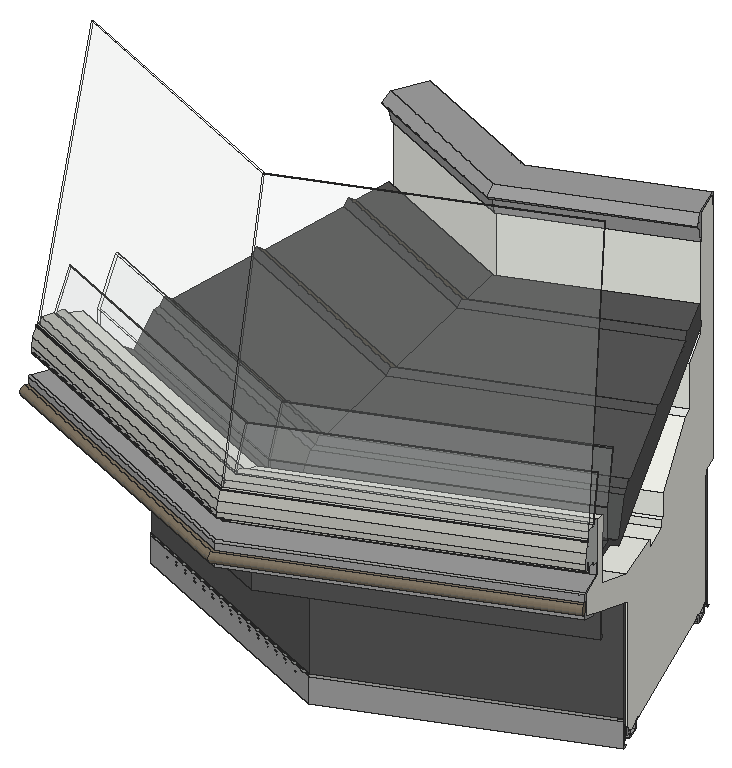
Revit family "DSFM-45-OS-AG_2014", category Specialty Equipment, Revit 2014
Parameters (values of type "45 OS")
  Width = 65 3/4"  # constant formula
  Waste Drain = 1 1/2"  # constant formula
  URL = "www.hussmann.com"
  Type Comments = "Chino"  # constant formula
  Trim = Stainless Steel
  Total Weight = Case Weight + (2 * End Weight)  # 0.00 lbf
  Splashguard = Stainless Steel
  Shelves = Sheet Metal (Steel Painted) - 701 Black
  Revit Family Date = "09/20/2016"  # constant formula
  Refrigeration Lines Suction = 5/8"  # constant formula
  Refrigeration Lines Liquid = 3/8"  # constant formula
  Refrig. Suction = "Suction"
  Refrig. Liquid = "Liquid"
  Number of Supports = 2  # constant formula
  Note from Manufacturer = "This model only comes in one size."  # constant formula
  Model URL = "http://www.hussmann.com/en/product%20viewer/display-cases/DSFM"
  Model = "DSFM - 45 Outside Wedge with Angled Glass"  # constant formula
  Manufacturer Disclaimer = "The information in this file is not intended to be an exact representation of the corresponding Hussmann product.  Further, we reserve the right to change or revise specifications and product design in connection with any feature of our products. Such changes do not entitle the buyer to corresponding changes, improvements, additions, or replacements for equipment previously sold or shipped."  # constant formula
  Manufacturer = "Hussmann Corporation"  # constant formula
  Light [instance] = yes
  Height = 52 1/4"  # constant formula
  Glazing = Glass
  End Weight = 0.00 lbf  # constant formula
  Door Frame = Plastic - 144 Mist Gray
  Description = "Medium Depth Service Merchandiser for Fresh Seafood Applications"  # constant formula
  Depth = 42 1/2"  # constant formula
  Cutsheet URL = "http://www.hussmann.com/en/Technical%20Documents/DSFM_ds_En.pdf"
  Close Off Panel = Textured Sheet Metal (Steel Painted) - 701 Black
  Case Weight = 0.00 lbf  # constant formula
  Case Interior - Side Panel = Mirror
  Case Interior - Back Panel = Mirror
  Case = Textured Sheet Metal (Steel Painted) - 149 White Satin Matte
  Bumper = Extruded PVC - 747 Chocolate Brown
  Assembly Code = ""
  Accessories/Options = ""
Reference planes (in)
  plane 1 "Bottom": z = 0
  plane 2 "Center (Left/Right)": x = -29.25915
  plane 3 "Right": through (-12.67103, 5.83818, 48) normal (0.9239, 0.3827, 0)
  plane 4 "Left": through (-62.10519, -33.41192, 48) normal (-0.9239, 0.3827, 0)
  plane 5 "Front Right": through (-29.25915, -47.0172, 48) normal (-0.3827, 0.9239, 0)
  plane 6 "Front Left": through (-62.10519, -33.41192, 48) normal (0.3827, 0.9239, 0)
  plane 7 "Front": y = -47.0172
  plane 8 "Back Right": through (-14.06297, 5.27893, 48) normal (-0.3827, 0.9239, 0)
  plane 9 "Back Left": through (-44.53699, 5.31276, 48) normal (-0.3827, -0.9239, 0)
  plane 10 "Back": y = 5.85296
Forms (in)
  Extrusion 1, solid, material "Metal - Copper"
    sketch origin (57.40105, 5, -0.375) x (1, 0, 0) y (0, 1, 0)
      loop
        circle (-89.4727, -19.39053) r 0.28859
      loop
        circle (-89.4727, -19.39053) r 0.3125
    from 16.71736 to 0.375
  Extrusion 2, solid, material "Metal - Copper"
    sketch origin (59.82608, 5, -0.375) x (1, 0, 0) y (0, 1, 0)
      loop
        circle (-91.39773, -19.39053) r 0.17188
      loop
        circle (-91.39773, -19.39053) r 0.1875
    from 16.71736 to 0.375
  Extrusion 3, solid, material "Metal - Copper"
    sketch origin (-56.6875, 1.04319, 0) x (1, 0, 0) y (0, 1, 0)
      loop
        arc (27.42835, -21.30872) -> (26.89802, -21.52839) -> (26.67835, -22.05872) r 0.75
        arc (26.67835, -22.05872) -> (26.89802, -22.58905) -> (27.42835, -22.80872) r 0.75
        arc (27.42835, -22.80872) -> (27.95868, -22.58905) -> (28.17835, -22.05872) r 0.75
        arc (28.17835, -22.05872) -> (27.95868, -21.52839) -> (27.42835, -21.30872) r 0.75
      loop
        circle (27.42835, -22.05872) r 0.7102
    from 16.34236 to 0
  Sweep 4, solid, material "Textured Sheet Metal (Steel Painted) - 149 White Satin Matte" <- "Case"
    path in 3D
      loop
        line (3.58689, -33.41192, 0) -> (-29.25915, -47.0172, 0) -> (-62.10519, -33.41192, 0)
    profile origin (3.58689, -33.41192, 0) x (0.382683, -0.92388, 0) y (0, 0, 1)
      loop
        line (-42.5465, 42.51732) -> (-42.5465, 14.62462) -> (-40.44304, 14.62462) -> (-40.44304, 0.83962) -> (-14.71056, 0.83962) -> (-14.71056, 14.76385) -> (-1.45118, 20.39212) -> (-0.9905, 20.39212) -> (-0.9905, 22.76712) -> (-1.2405, 23.01712) -> (-4.62035, 23.01712) -> (-4.62035, 28.62819) -> (-6.48624, 28.26483) -> (-6.48624, 27.34944) -> (-6.33667, 25.63995) -> (-6.33667, 21.19008) -> (-14.37777, 17.77684) -> (-22.04352, 17.26314) -> (-22.04352, 16.34236) -> (-25.98102, 16.34236) -> (-25.98102, 17.25175) -> (-26.55143, 17.26171) -> (-26.55143, 19.72211) -> (-33.92025, 23.69965) -> (-35.27325, 23.80279) -> (-35.27325, 28.52488) -> (-38.8774, 29.66553) -> (-38.8774, 39.92387) -> (-38.79697, 39.92387) -> (-38.63795, 40.51732) -> (-38.63795, 42.51732) -> (-42.5465, 42.51732)
  Sweep 5, solid, material "Textured Sheet Metal (Steel Painted) - 701 Black" <- "Close Off Panel"
    path in 3D
      loop
        line (3.58689, -33.41192, 0) -> (-29.25915, -47.0172, 0) -> (-62.10519, -33.41192, 0)
    profile origin (3.58689, -33.41192, 0) x (0.382683, -0.92388, 0) y (0, 0, 1)
      loop
        line (-13.64908, 0.75286) -> (-13.64908, 15.21442) -> (-13.72194, 15.18349) -> (-13.72194, 0.75286) -> (-13.64908, 0.75286)
      loop
        line (-40.44304, 14.58962) -> (-40.56804, 14.58962) -> (-40.56804, 0.83962) -> (-40.44304, 0.83962) -> (-40.44304, 14.58962)
  Sweep 6, solid, material "Stainless Steel" <- "Trim"
    path in 3D
      loop
        line (3.58689, -33.41192, 0) -> (-29.25915, -47.0172, 0) -> (-62.10519, -33.41192, 0)
    profile origin (3.58689, -33.41192, 0) x (0.382683, -0.92388, 0) y (0, 0, 1)
      loop
        line (-14.63206, 1.657) -> (-14.71056, 1.657) -> (-14.71056, 0.83962) -> (-15.55031, 0.83962)
        arc (-15.55031, 0.83962) -> (-15.58749, 0.81085) -> (-15.60156, 0.766) r 0.0785
        line (-15.60156, 0.766) -> (-15.60156, 0.0785) -> (-17.28906, 0.0785) -> (-17.28906, 0.766)
        arc (-17.28906, 0.766) -> (-17.30314, 0.81085) -> (-17.34031, 0.83962) r 0.0785
        line (-17.34031, 0.83962) -> (-18.11756, 0.83962) -> (-18.11756, 0.766) -> (-17.36756, 0.766) -> (-17.36756, 0.0785)
        arc (-17.36756, 0.0785) -> (-17.34457, 0.02299) -> (-17.28906, 0) r 0.0785
        line (-17.28906, 0) -> (-15.60156, 0)
        arc (-15.60156, 0) -> (-15.54605, 0.02299) -> (-15.52306, 0.0785) r 0.0785
        line (-15.52306, 0.0785) -> (-15.52306, 0.766) -> (-14.71056, 0.766)
        arc (-14.71056, 0.766) -> (-14.65505, 0.78899) -> (-14.63206, 0.8445) r 0.0785
        line (-14.63206, 0.8445) -> (-14.63206, 1.657)
      loop
        line (-40.51356, 0.766) -> (-39.70106, 0.766) -> (-39.70106, 0.0785)
        arc (-39.70106, 0.0785) -> (-39.67807, 0.02299) -> (-39.62256, 0) r 0.0785
        line (-39.62256, 0) -> (-37.93506, 0)
        arc (-37.93506, 0) -> (-37.87955, 0.02299) -> (-37.85656, 0.0785) r 0.0785
        line (-37.85656, 0.0785) -> (-37.85656, 0.766) -> (-37.12376, 0.766) -> (-37.12376, 0.8445) -> (-37.82656, 0.8445)
        arc (-37.82656, 0.8445) -> (-37.90328, 0.81272) -> (-37.93506, 0.736) r 0.1085
        line (-37.93506, 0.736) -> (-37.93506, 0.1085)
        arc (-37.93506, 0.1085) -> (-37.94385, 0.08729) -> (-37.96506, 0.0785) r 0.03
        line (-37.96506, 0.0785) -> (-39.59256, 0.0785)
        arc (-39.59256, 0.0785) -> (-39.61377, 0.08729) -> (-39.62256, 0.1085) r 0.03
        line (-39.62256, 0.1085) -> (-39.62256, 0.766)
        arc (-39.62256, 0.766) -> (-39.63664, 0.81085) -> (-39.67381, 0.83962) r 0.0785
        line (-39.67381, 0.83962) -> (-40.51356, 0.83962) -> (-40.51356, 0.766)
  Sweep 7, solid, material "Stainless Steel" <- "Splashguard"
    path in 3D
      loop
        line (3.58689, -33.41192, 0) -> (-29.25915, -47.0172, 0) -> (-62.10519, -33.41192, 0)
    profile origin (3.58689, -33.41192, 0) x (0.382683, -0.92388, 0) y (0, 0, 1)
      loop
        line (-13.56852, 2.78974) -> (-13.61085, 3.09929) -> (-13.64554, 3.09462) -> (-13.6032, 2.785) -> (-13.6032, 0.035) -> (-14.1032, 0.035) -> (-14.1032, 0) -> (-13.56819, 0) -> (-13.56852, 2.78974)
      loop
        line (-40.62706, 2.85914) -> (-40.62706, 0.48261) -> (-40.94846, 0.09959) -> (-41.31776, 0.03447) -> (-41.31168, 0) -> (-40.92983, 0.06733) -> (-40.59206, 0.46987) -> (-40.59206, 2.85761) -> (-40.57027, 3.10666) -> (-40.60514, 3.10971) -> (-40.62706, 2.85914)
  Sweep 8, solid, material "Stainless Steel" <- "Trim"
    path in 3D
      loop
        line (3.58689, -33.41192, 0) -> (-29.25915, -47.0172, 0) -> (-62.10519, -33.41192, 0)
    profile origin (3.58689, -33.41192, 0) x (0.382683, -0.92388, 0) y (0, 0, 1)
      loop
        line (-4.55623, 24.23914) -> (-4.62035, 24.23914) -> (-4.62035, 23.01712) -> (-1.2405, 23.01712) -> (-0.9905, 22.76712) -> (-0.9905, 20.39212) -> (-1.45118, 20.39212) -> (-3.45395, 19.54199) -> (-3.39519, 19.38055) -> (-0.88, 20.29601) -> (-0.88, 22.89212)
        arc (-0.88, 22.89212) -> (-0.93067, 23.01445) -> (-1.053, 23.06512) r 0.173
        line (-1.053, 23.06512) -> (-4.55623, 23.06512) -> (-4.55623, 24.23914)
      loop
        line (-38.5595, 42.56512) -> (-42.609, 42.56512) -> (-42.609, 41.32812) -> (-42.5465, 41.32812) -> (-42.5465, 42.51732) -> (-38.63795, 42.51732) -> (-38.63795, 40.51732) -> (-38.79697, 39.92387) -> (-38.8774, 39.92387) -> (-38.8774, 39.52827) -> (-38.67052, 39.47921) -> (-38.20616, 41.43732) -> (-37.76595, 41.49919) -> (-37.89907, 41.32881) -> (-37.87149, 41.30726) -> (-37.62155, 41.62717) -> (-38.5595, 42.56512)
  Sweep 9, solid, material "Extruded PVC - 747 Chocolate Brown" <- "Bumper"
    path in 3D
      loop
        line (3.58689, -33.41192, 0) -> (-29.25915, -47.0172, 0) -> (-62.10519, -33.41192, 0)
    profile origin (3.58689, -33.41192, 0) x (0.382683, -0.92388, 0) y (0, 0, 1)
      loop
        arc (-0.4732, 21.00717) -> (0.02903, 21.56967) -> (-0.4732, 22.13217) r 0.56612
        line (-0.4732, 22.13217) -> (-0.88, 22.13217) -> (-0.88, 21.00717) -> (-0.4732, 21.00717)
  Sweep 10, solid, material "Plastic - 144 Mist Gray" <- "Door Frame"
    path in 3D
      loop
        line (3.58689, -33.41192, 0) -> (-29.25915, -47.0172, 0) -> (-62.10519, -33.41192, 0)
    profile origin (3.58689, -33.41192, 0) x (0.382683, -0.92388, 0) y (0, 0, 1)
      loop
        line (-4.62035, 28.87709) -> (-4.62035, 24.3616) -> (-4.48256, 24.3616) -> (-4.48256, 24.4994) -> (-3.91169, 24.4994) -> (-3.91169, 24.57814) -> (-3.69515, 24.57814) -> (-3.69515, 25.05058) -> (-2.762, 25.05058) -> (-2.762, 25.1883) -> (-2.00224, 25.1883) -> (-2.00224, 24.70609)
        arc (-2.00224, 24.70609) -> (-1.95303, 24.65688) -> (-1.90382, 24.70609) r 0.04921
        line (-1.90382, 24.70609) -> (-1.90382, 26.05384) -> (-1.3172, 26.05384) -> (-1.25815, 25.95609) -> (-1.25815, 25.46397) -> (-1.3172, 25.40491) -> (-1.3172, 25.30649)
        arc (-1.3172, 25.30649) -> (-1.30567, 25.27865) -> (-1.27783, 25.26712) r 0.03937
        line (-1.27783, 25.26712) -> (-1.21878, 25.26712)
        arc (-1.21878, 25.26712) -> (-1.19094, 25.27865) -> (-1.17941, 25.30649) r 0.03937
        line (-1.17941, 25.30649) -> (-1.17941, 25.93044) -> (-1.30394, 27.01633) -> (-1.67306, 28.0514) -> (-1.70302, 28.0623) -> (-1.6598, 28.06992)
        arc (-1.6598, 28.06992) -> (-1.64115, 28.07024) -> (-1.64374, 28.08871) r 0.01245
        line (-1.64374, 28.08871) -> (-1.73523, 28.14936) -> (-1.83474, 28.27671) -> (-1.58271, 26.91706) -> (-1.82867, 26.87225) -> (-2.19522, 28.84979) -> (-3.53994, 28.84979) -> (-3.32478, 28.2249) -> (-3.54813, 28.148) -> (-3.78366, 28.83204)
        arc (-3.78366, 28.83204) -> (-4.19661, 28.95475) -> (-4.62035, 28.87709) r 0.92486
  Sweep 11, solid, material "Glass" <- "Glazing"
    path in 3D
      loop
        line (3.58689, -33.41192, 0) -> (-29.25915, -47.0172, 0) -> (-62.10519, -33.41192, 0)
    profile origin (3.58689, -33.41192, 0) x (0.382683, -0.92388, 0) y (0, 0, 1)
      loop
        line (-10.22021, 33.19964) -> (-8.37036, 28.02006) -> (-8.37036, 24.52546) -> (-8.12036, 24.52546) -> (-8.12036, 28.06337) -> (-9.98477, 33.28373)
        arc (-9.98477, 33.28373) -> (-10.14453, 33.3594) -> (-10.22021, 33.19964) r 0.125
      loop
        line (-3.33759, 28.26213) -> (-5.10643, 33.3992) -> (-5.15647, 33.42361) -> (-5.30537, 33.37234) -> (-5.32978, 33.32229) -> (-3.56094, 28.18522) -> (-3.5109, 28.16082) -> (-3.362, 28.21209) -> (-3.33759, 28.26213)
      loop
        line (-1.58859, 26.94874) -> (-7.42068, 58.41281) -> (-7.66649, 58.36725) -> (-1.8344, 26.90318) -> (-1.58859, 26.94874)
  Sweep 12, solid, material "Sheet Metal (Steel Painted) - 701 Black" <- "Shelves"
    path in 3D
      loop
        line (3.58689, -33.41192, 0) -> (-29.25915, -47.0172, 0) -> (-62.10519, -33.41192, 0)
    profile origin (3.58689, -33.41192, 0) x (0.382683, -0.92388, 0) y (0, 0, 1)
      loop
        line (-38.41233, 33.08566) -> (-38.41233, 30.9343) -> (-38.8774, 31.07755) -> (-38.8774, 30.52079) -> (-11.80479, 22.17891) -> (-8.81011, 23.90789) -> (-6.33667, 23.90789) -> (-6.33667, 24.44289) -> (-8.95347, 24.44289) -> (-11.87035, 22.75882) -> (-13.8685, 26.39931) -> (-14.54896, 26.58469) -> (-15.03542, 27.43543) -> (-15.84319, 26.97354) -> (-24.13694, 29.23297) -> (-24.59883, 30.04074) -> (-25.44957, 29.55428) -> (-33.72354, 31.80832) -> (-34.17525, 32.59829) -> (-34.96522, 32.14658) -> (-38.41233, 33.08566)
  Sweep 13, solid, material "Textured Sheet Metal (Steel Painted) - 701 Black" <- "Close Off Panel", visible <- "Light"
    path in 3D
      loop
        line (-1.63639, -20.80181, 15.21442) -> (-29.25915, -32.24354, 15.21442) -> (-56.88191, -20.80181, 15.21442)
    profile origin (-1.63639, -20.80181, 15.21442) x (0, 0, -1) y (0.382683, -0.92388, 0)
      loop
        line (-3.25364, 7.66508) -> (-0.34266, 7.66508) -> (-0.34266, 7.29008) -> (-0.53016, 7.29008) -> (-0.53016, 7.22758) -> (-0.28016, 7.22758) -> (-0.28016, 7.72758) -> (-3.28016, 7.72758) -> (-3.25364, 7.66508)
Lines and regions (in)
  reference lines
    curve 1: line (-29.25915, -47.0172, 0) -> (-29.25915, 5.83818, 0)
    curve 2: line (-31.75915, -47.0172, 0) -> (-31.75915, 5.83818, 0)
    curve 3: line (-56.97925, -21.01553, 0) -> (-1.53905, -21.01553, 0)
    curve 4: line (-4.26986, -14.39053, 0) -> (-54.24844, -14.39053, 0)
  sketch lines
    curve 5: line (3.58689, -33.41192, 0) -> (-29.25915, -47.0172, 0)
    curve 6: line (-29.25915, -47.0172, 0) -> (-62.10519, -33.41192, 0)
    curve 7: line (3.58689, -33.41192, 0) -> (-29.25915, -47.0172, 0)
    curve 8: line (-29.25915, -47.0172, 0) -> (-62.10519, -33.41192, 0)
    curve 9: line (3.58689, -33.41192, 0) -> (-29.25915, -47.0172, 0)
    curve 10: line (-29.25915, -47.0172, 0) -> (-62.10519, -33.41192, 0)
    curve 11: line (3.58689, -33.41192, 0) -> (-29.25915, -47.0172, 0)
    curve 12: line (-29.25915, -47.0172, 0) -> (-62.10519, -33.41192, 0)
    curve 13: line (3.58689, -33.41192, 0) -> (-29.25915, -47.0172, 0)
    curve 14: line (-29.25915, -47.0172, 0) -> (-62.10519, -33.41192, 0)
    curve 15: line (3.58689, -33.41192, 0) -> (-29.25915, -47.0172, 0)
    curve 16: line (-29.25915, -47.0172, 0) -> (-62.10519, -33.41192, 0)
    curve 17: line (3.58689, -33.41192, 0) -> (-29.25915, -47.0172, 0)
    curve 18: line (-29.25915, -47.0172, 0) -> (-62.10519, -33.41192, 0)
    curve 19: line (3.58689, -33.41192, 0) -> (-29.25915, -47.0172, 0)
    curve 20: line (-29.25915, -47.0172, 0) -> (-62.10519, -33.41192, 0)
    curve 21: line (3.58689, -33.41192, 0) -> (-29.25915, -47.0172, 0)
    curve 22: line (-29.25915, -47.0172, 0) -> (-62.10519, -33.41192, 0)
    curve 23: line (-1.63639, -20.80181, 15.21442) -> (-29.25915, -32.24354, 15.21442)
    curve 24: line (-29.25915, -32.24354, 15.21442) -> (-56.88191, -20.80181, 15.21442)
  symbolic lines, style "Clearance"
    curve 25: line (-77.30699, 0.88596, 0.8445) -> (-77.30699, 0.88596, 0.766)
    curve 26: line (-77.30699, 0.88596, 0.766) -> (-77.30699, 1.56298, 0.766)
    curve 27: line (-77.30699, 1.56298, 0.766) -> (-77.30699, 1.56298, 0.0785)
    curve 28: spline (-77.30699, 1.56298, 0.0785) -> (-77.30699, 1.5636, 0.06825) -> (-77.30699, 1.56545, 0.05818) -> (-77.30699, 1.5685, 0.04846) -> (-77.30699, 1.5727, 0.03925) -> (-77.30699, 1.57797, 0.03071) -> (-77.30699, 1.58422, 0.02299) -> (-77.30699, 1.59135, 0.01622) -> (-77.30699, 1.59924, 0.01052) -> (-77.30699, 1.60775, 0.00598) -> (-77.30699, 1.61673, 0.00267) -> (-77.30699, 1.62604, 0.00067) -> (-77.30699, 1.63551, 0)
    curve 29: line (-77.30699, 1.63551, 0) -> (-77.30699, 3.19455, 0)
    curve 30: spline (-77.30699, 3.19455, 0) -> (-77.30699, 3.20402, 0.00067) -> (-77.30699, 3.21332, 0.00267) -> (-77.30699, 3.22231, 0.00598) -> (-77.30699, 3.23081, 0.01052) -> (-77.30699, 3.2387, 0.01622) -> (-77.30699, 3.24583, 0.02299) -> (-77.30699, 3.25209, 0.03071) -> (-77.30699, 3.25736, 0.03925) -> (-77.30699, 3.26156, 0.04846) -> (-77.30699, 3.26461, 0.05818) -> (-77.30699, 3.26646, 0.06825) -> (-77.30699, 3.26708, 0.0785)
    curve 31: line (-77.30699, 3.26708, 0.0785) -> (-77.30699, 3.26708, 0.766)
    curve 32: line (-77.30699, 3.26708, 0.766) -> (-77.30699, 4.01773, 0.766)
    curve 33: line (-77.30699, 4.01773, 0.766) -> (-77.30699, 4.01773, 0.83962)
    curve 34: line (-77.30699, 4.01773, 0.83962) -> (-77.30699, 3.2419, 0.83962)
    curve 35: spline (-77.30699, 3.2419, 0.83962) -> (-77.30699, 3.23515, 0.83648) -> (-77.30699, 3.22872, 0.83262) -> (-77.30699, 3.22269, 0.82808) -> (-77.30699, 3.21712, 0.8229) -> (-77.30699, 3.21205, 0.81714) -> (-77.30699, 3.20755, 0.81085) -> (-77.30699, 3.20367, 0.8041) -> (-77.30699, 3.20043, 0.79696) -> (-77.30699, 3.19788, 0.7895) -> (-77.30699, 3.19604, 0.7818) -> (-77.30699, 3.19492, 0.77394) -> (-77.30699, 3.19455, 0.766)
    curve 36: line (-77.30699, 3.19455, 0.766) -> (-77.30699, 3.19455, 0.1085)
    curve 37: spline (-77.30699, 3.19455, 0.1085) -> (-77.30699, 3.19431, 0.10458) -> (-77.30699, 3.19361, 0.10074) -> (-77.30699, 3.19244, 0.09702) -> (-77.30699, 3.19084, 0.0935) -> (-77.30699, 3.18882, 0.09024) -> (-77.30699, 3.18643, 0.08729) -> (-77.30699, 3.18371, 0.0847) -> (-77.30699, 3.18069, 0.08252) -> (-77.30699, 3.17744, 0.08078) -> (-77.30699, 3.17401, 0.07952) -> (-77.30699, 3.17045, 0.07876) -> (-77.30699, 3.16684, 0.0785)
    curve 38: line (-77.30699, 3.16684, 0.0785) -> (-77.30699, 1.66322, 0.0785)
    curve 39: spline (-77.30699, 1.66322, 0.0785) -> (-77.30699, 1.6596, 0.07876) -> (-77.30699, 1.65605, 0.07952) -> (-77.30699, 1.65261, 0.08078) -> (-77.30699, 1.64936, 0.08252) -> (-77.30699, 1.64635, 0.0847) -> (-77.30699, 1.64362, 0.08729) -> (-77.30699, 1.64123, 0.09024) -> (-77.30699, 1.63922, 0.0935) -> (-77.30699, 1.63761, 0.09702) -> (-77.30699, 1.63645, 0.10074) -> (-77.30699, 1.63574, 0.10458) -> (-77.30699, 1.63551, 0.1085)
    curve 40: line (-77.30699, 1.63551, 0.1085) -> (-77.30699, 1.63551, 0.736)
    curve 41: spline (-77.30699, 1.63551, 0.736) -> (-77.30699, 1.63465, 0.75016) -> (-77.30699, 1.63209, 0.76408) -> (-77.30699, 1.62787, 0.77752) -> (-77.30699, 1.62208, 0.79025) -> (-77.30699, 1.61479, 0.80205) -> (-77.30699, 1.60615, 0.81272) -> (-77.30699, 1.59629, 0.82208) -> (-77.30699, 1.58538, 0.82996) -> (-77.30699, 1.57362, 0.83624) -> (-77.30699, 1.56121, 0.8408) -> (-77.30699, 1.54835, 0.84357) -> (-77.30699, 1.53526, 0.8445)
    curve 42: line (-77.30699, 1.53526, 0.8445) -> (-77.30699, 0.88596, 0.8445)
    curve 43: line (-77.30699, -16.67348, 0.83962) -> (-77.30699, -17.39156, 0.83962)
    curve 44: spline (-77.30699, -17.39156, 0.83962) -> (-77.30699, -17.39832, 0.83648) -> (-77.30699, -17.40474, 0.83262) -> (-77.30699, -17.41077, 0.82808) -> (-77.30699, -17.41635, 0.8229) -> (-77.30699, -17.42141, 0.81714) -> (-77.30699, -17.42591, 0.81085) -> (-77.30699, -17.4298, 0.8041) -> (-77.30699, -17.43303, 0.79696) -> (-77.30699, -17.43558, 0.7895) -> (-77.30699, -17.43743, 0.7818) -> (-77.30699, -17.43854, 0.77394) -> (-77.30699, -17.43891, 0.766)
    curve 45: line (-77.30699, -17.43891, 0.766) -> (-77.30699, -17.43891, 0.0785)
    curve 46: line (-77.30699, -17.43891, 0.0785) -> (-77.30699, -18.99796, 0.0785)
    curve 47: line (-77.30699, -18.99796, 0.0785) -> (-77.30699, -18.99796, 0.766)
    curve 48: spline (-77.30699, -18.99796, 0.766) -> (-77.30699, -18.99833, 0.77394) -> (-77.30699, -18.99944, 0.7818) -> (-77.30699, -19.00129, 0.7895) -> (-77.30699, -19.00384, 0.79696) -> (-77.30699, -19.00707, 0.8041) -> (-77.30699, -19.01096, 0.81085) -> (-77.30699, -19.01546, 0.81714) -> (-77.30699, -19.02052, 0.8229) -> (-77.30699, -19.0261, 0.82808) -> (-77.30699, -19.03213, 0.83262) -> (-77.30699, -19.03855, 0.83648) -> (-77.30699, -19.04531, 0.83962)
    curve 49: line (-77.30699, -19.04531, 0.83962) -> (-77.30699, -19.82114, 0.83962)
    curve 50: line (-77.30699, -19.82114, 0.83962) -> (-77.30699, -19.82114, 1.657)
    curve 51: line (-77.30699, -19.82114, 1.657) -> (-77.30699, -19.89366, 1.657)
    curve 52: line (-77.30699, -19.89366, 1.657) -> (-77.30699, -19.89366, 0.8445)
    curve 53: spline (-77.30699, -19.89366, 0.8445) -> (-77.30699, -19.89304, 0.83425) -> (-77.30699, -19.89119, 0.82418) -> (-77.30699, -19.88814, 0.81446) -> (-77.30699, -19.88394, 0.80525) -> (-77.30699, -19.87867, 0.79671) -> (-77.30699, -19.87242, 0.78899) -> (-77.30699, -19.86529, 0.78222) -> (-77.30699, -19.8574, 0.77652) -> (-77.30699, -19.84889, 0.77198) -> (-77.30699, -19.83991, 0.76867) -> (-77.30699, -19.8306, 0.76667) -> (-77.30699, -19.82114, 0.766)
    curve 54: line (-77.30699, -19.82114, 0.766) -> (-77.30699, -19.07048, 0.766)
    curve 55: line (-77.30699, -19.07048, 0.766) -> (-77.30699, -19.07048, 0.0785)
    curve 56: spline (-77.30699, -19.07048, 0.0785) -> (-77.30699, -19.06986, 0.06825) -> (-77.30699, -19.06801, 0.05818) -> (-77.30699, -19.06496, 0.04846) -> (-77.30699, -19.06077, 0.03925) -> (-77.30699, -19.0555, 0.03071) -> (-77.30699, -19.04924, 0.02299) -> (-77.30699, -19.04211, 0.01622) -> (-77.30699, -19.03422, 0.01052) -> (-77.30699, -19.02571, 0.00598) -> (-77.30699, -19.01673, 0.00267) -> (-77.30699, -19.00742, 0.00067) -> (-77.30699, -18.99796, 0)
    curve 57: line (-77.30699, -18.99796, 0) -> (-77.30699, -17.43891, 0)
    curve 58: spline (-77.30699, -17.43891, 0) -> (-77.30699, -17.42945, 0.00067) -> (-77.30699, -17.42014, 0.00267) -> (-77.30699, -17.41116, 0.00598) -> (-77.30699, -17.40265, 0.01052) -> (-77.30699, -17.39476, 0.01622) -> (-77.30699, -17.38763, 0.02299) -> (-77.30699, -17.38137, 0.03071) -> (-77.30699, -17.3761, 0.03925) -> (-77.30699, -17.37191, 0.04846) -> (-77.30699, -17.36886, 0.05818) -> (-77.30699, -17.36701, 0.06825) -> (-77.30699, -17.36639, 0.0785)
    curve 59: line (-77.30699, -17.36639, 0.0785) -> (-77.30699, -17.36639, 0.766)
    curve 60: line (-77.30699, -17.36639, 0.766) -> (-77.30699, -16.67348, 0.766)
    curve 61: line (-77.30699, -16.67348, 0.766) -> (-77.30699, -16.67348, 0.83962)
Dimensions and locks (in)
  locked: Extrusion 3 sketch curve to Extrusion 3 sketch curve at 0.0398
  locked: Extrusion 2 sketch curve to Extrusion 2 sketch curve at 0.01562
  locked: Extrusion 1 sketch curve to Extrusion 1 sketch curve at 0.02391
  locked: plane 9 "Back Left" to nested 2 at 34.76386
  locked: plane 8 "Back Right" to nested 1 at 34.72725
  locked: curve 4 to plane 9 "Back Left" at 13.375
  locked: curve 3 to plane 9 "Back Left" at 20
  locked: curve 2 to plane 2 "Center (Left/Right)" at 2.5
  locked: plane 9 "Back Left" to plane 6 "Front Left" at 42.5
  locked: plane 8 "Back Right" to plane 5 "Front Right" at 42.5
  locked: plane 10 "Back" to plane 7 "Front" at 52.87016
  "Waste Drain": diameter of Extrusion 3 sketch curve
  "Refrigeration Lines Liquid": diameter of Extrusion 2 sketch curve
  "Refrigeration Lines Suction": diameter of Extrusion 1 sketch curve
  aligned and locked: Extrusion 1 to level
  aligned and locked: Extrusion 2 to level
  aligned and locked: curve 4 to Extrusion 2 sketch curve  (x4)
  aligned and locked: curve 4 to Extrusion 1 sketch curve  (x4)
  aligned and locked: curve 3 to Extrusion 3 sketch curve
  aligned and locked: curve 1 to Extrusion 3 sketch curve
  aligned and locked: curve 2 to Extrusion 2 sketch curve
  aligned and locked: curve 2 to Extrusion 1 sketch curve
  aligned and locked: plane 2 "Center (Left/Right)" to curve 1
  aligned and locked: plane 3 "Right" to nested 1
  aligned and locked: Sweep 12 to nested 2
Automatic sketch dimensions
  profile plane to Sweep 4 sketch curve = 14.62462"
  profile plane to Sweep 4 sketch curve = 42.5465"
  Sweep 4 sketch curve to Sweep 4 sketch curve = 2.10346"
  Sweep 4 sketch curve to Sweep 4 sketch curve = 27.89271"
  profile plane to Sweep 4 sketch curve = 0.83962"
  profile plane to Sweep 4 sketch curve = 14.71056"
  Sweep 4 sketch curve to Sweep 4 sketch curve = 13.92423"
  profile plane to Sweep 4 sketch curve = 1.45118"
  Sweep 4 sketch curve to Sweep 4 sketch curve = 5.62827"
  Sweep 4 sketch curve to Sweep 4 sketch curve = 0.46068"
  Sweep 4 sketch curve to Sweep 4 sketch curve = 2 3/8"
  Sweep 4 sketch curve to Sweep 4 sketch curve = 1/4"  (x2)
  Sweep 4 sketch curve to Sweep 4 sketch curve = 3.37985"
  Sweep 4 sketch curve to Sweep 4 sketch curve = 5.61107"
  Sweep 4 sketch curve to Sweep 4 sketch curve = 1.86588"
  Sweep 4 sketch curve to Sweep 4 sketch curve = 0.36336"
  Sweep 4 sketch curve to Sweep 4 sketch curve = 0.91538"
  Sweep 4 sketch curve to Sweep 4 sketch curve = 0.14956"
  Sweep 4 sketch curve to Sweep 4 sketch curve = 1.70949"
  Sweep 4 sketch curve to Sweep 4 sketch curve = 1.82704"
  Sweep 4 sketch curve to Sweep 4 sketch curve = 0.3328"
  Sweep 4 sketch curve to Sweep 4 sketch curve = 3.01299"
  Sweep 4 sketch curve to Sweep 4 sketch curve = 7.66575"
  Sweep 4 sketch curve to Sweep 4 sketch curve = 0.51369"
  Sweep 4 sketch curve to Sweep 4 sketch curve = 0.92079"
  Sweep 4 sketch curve to Sweep 4 sketch curve = 3 15/16"
  Sweep 4 sketch curve to Sweep 4 sketch curve = 0.90939"
  Sweep 4 sketch curve to Sweep 4 sketch curve = 0.57041"
  Sweep 4 sketch curve to Sweep 4 sketch curve = 0.00996"
  Sweep 4 sketch curve to Sweep 4 sketch curve = 2.46041"
  Sweep 4 sketch curve to Sweep 4 sketch curve = 7.36883"
  Sweep 4 sketch curve to Sweep 4 sketch curve = 3.97753"
  Sweep 4 sketch curve to Sweep 4 sketch curve = 1.353"
  Sweep 4 sketch curve to Sweep 4 sketch curve = 0.10314"
  Sweep 4 sketch curve to Sweep 4 sketch curve = 4.7221"
  Sweep 4 sketch curve to Sweep 4 sketch curve = 3.60415"
  Sweep 4 sketch curve to Sweep 4 sketch curve = 1.14065"
  Sweep 4 sketch curve to Sweep 4 sketch curve = 0.23945"
  Sweep 4 sketch curve to Sweep 4 sketch curve = 0.59345"
  Sweep 4 sketch curve to Sweep 4 sketch curve = 0.08043"
  Sweep 4 sketch curve to Sweep 4 sketch curve = 2"
  profile plane to Sweep 5 sketch curve = 13.72194"
  Sweep 5 sketch curve to Sweep 5 sketch curve = 0.07285"
  profile plane to Sweep 5 sketch curve = 15.18349"
  Sweep 5 sketch curve to Sweep 5 sketch curve = 0.03092"
  profile plane to Sweep 5 sketch curve = 0.75286"
  Sweep 5 sketch curve to Sweep 5 sketch curve = 26.8461"
  profile plane to Sweep 5 sketch curve = 14.58962"
  Sweep 5 sketch curve to Sweep 5 sketch curve = 1/8"
  profile plane to Sweep 5 sketch curve = 0.83962"
  profile plane to Sweep 6 sketch curve = 1.657"
  profile plane to Sweep 6 sketch curve = 14.63206"
  Sweep 6 sketch curve to Sweep 6 sketch curve = 0.0785"  (x4)
  Sweep 6 sketch curve to Sweep 6 sketch curve = 13/16"  (x2)
  Sweep 6 sketch curve to Sweep 6 sketch curve = 0.00488"
  Sweep 6 sketch curve to Sweep 6 sketch curve = 0"  (x9)
  Sweep 6 sketch curve to Sweep 6 sketch curve = 0.83975"
  Sweep 6 sketch curve to Sweep 6 sketch curve = 0.02725"  (x3)
  profile plane to Sweep 6 sketch curve = 0.0785"  (x2)
  Sweep 6 sketch curve to profile plane = 0"  (x2)
  Sweep 6 sketch curve to Sweep 6 sketch curve = 1 11/16"
  Sweep 6 sketch curve to Sweep 6 sketch curve = 11/16"
  Sweep 6 sketch curve to Sweep 6 sketch curve = 3/4"
  profile plane to Sweep 6 sketch curve = 0.766"
  Sweep 6 sketch curve to Sweep 6 sketch curve = 22.396"
  Sweep 6 sketch curve to Sweep 6 sketch curve = 0.07362"
  Sweep 6 sketch curve to Sweep 6 sketch curve = 0.03"  (x5)
  Sweep 6 sketch curve to Sweep 6 sketch curve = 1.6275"
  Sweep 6 sketch curve to Sweep 6 sketch curve = 0.6275"
  Sweep 6 sketch curve to Sweep 6 sketch curve = 0.8113"
  Sweep 7 sketch curve to profile plane = 0"  (x2)
  profile plane to Sweep 7 sketch curve = 2.78974"
  profile plane to Sweep 7 sketch curve = 13.56852"
  profile plane to Sweep 7 sketch curve = 3.09929"
  Sweep 7 sketch curve to Sweep 7 sketch curve = 0.04233"
  Sweep 7 sketch curve to Sweep 7 sketch curve = 0.00033"
  profile plane to Sweep 7 sketch curve = 2.785"
  Sweep 7 sketch curve to Sweep 7 sketch curve = 0.03468"
  profile plane to Sweep 7 sketch curve = 3.09462"
  Sweep 7 sketch curve to Sweep 7 sketch curve = 0.03469"
  profile plane to Sweep 7 sketch curve = 0.035"
  Sweep 7 sketch curve to Sweep 7 sketch curve = 1/2"
  profile plane to Sweep 7 sketch curve = 2.85914"
  Sweep 7 sketch curve to Sweep 7 sketch curve = 26.52387"
  Sweep 7 sketch curve to Sweep 7 sketch curve = 0.02192"
  profile plane to Sweep 7 sketch curve = 0.48261"
  Sweep 7 sketch curve to Sweep 7 sketch curve = 0.32139"
  profile plane to Sweep 7 sketch curve = 0.03447"
  Sweep 7 sketch curve to Sweep 7 sketch curve = 0.00608"
  profile plane to Sweep 7 sketch curve = 0.06733"
  Sweep 7 sketch curve to Sweep 7 sketch curve = 0.01862"
  profile plane to Sweep 7 sketch curve = 0.46987"
  Sweep 7 sketch curve to Sweep 7 sketch curve = 0.035"
  Sweep 7 sketch curve to Sweep 7 sketch curve = 0.00153"
  Sweep 7 sketch curve to Sweep 7 sketch curve = 0.03487"
  profile plane to Sweep 8 sketch curve = 4.55623"
  profile plane to Sweep 8 sketch curve = 24.23914"
  Sweep 8 sketch curve to Sweep 8 sketch curve = 0.06412"
  Sweep 8 sketch curve to Sweep 8 sketch curve = 1.17402"
  Sweep 8 sketch curve to Sweep 8 sketch curve = 0.048"
  profile plane to Sweep 8 sketch curve = 1.053"
  Sweep 8 sketch curve to Sweep 8 sketch curve = 3/16"
  Sweep 8 sketch curve to Sweep 8 sketch curve = 0.173"
  Sweep 8 sketch curve to Sweep 8 sketch curve = 1/16"  (x2)
  Sweep 8 sketch curve to Sweep 8 sketch curve = 1/8"
  Sweep 8 sketch curve to Sweep 8 sketch curve = 2.47111"
  Sweep 8 sketch curve to Sweep 8 sketch curve = 0.09611"
  Sweep 8 sketch curve to Sweep 8 sketch curve = 1.01156"
  Sweep 8 sketch curve to Sweep 8 sketch curve = 0.46068"
  Sweep 8 sketch curve to Sweep 8 sketch curve = 0.05876"
  Sweep 8 sketch curve to Sweep 8 sketch curve = 0.16144"
  profile plane to Sweep 8 sketch curve = 38.5595"
  Sweep 8 sketch curve to Sweep 8 sketch curve = 18.32598"
  Sweep 8 sketch curve to Sweep 8 sketch curve = 0.93795"  (x2)
  Sweep 8 sketch curve to Sweep 8 sketch curve = 4.0495"
  Sweep 8 sketch curve to Sweep 8 sketch curve = 0.24994"
  Sweep 8 sketch curve to Sweep 8 sketch curve = 0.33467"
  Sweep 8 sketch curve to Sweep 8 sketch curve = 1.237"
  Sweep 8 sketch curve to Sweep 8 sketch curve = 0.13006"
  Sweep 8 sketch curve to Sweep 8 sketch curve = 0.12798"
  Sweep 8 sketch curve to Sweep 8 sketch curve = 0.04779"
  Sweep 8 sketch curve to Sweep 8 sketch curve = 0.07845"
  Sweep 8 sketch curve to Sweep 8 sketch curve = 0.92"
  Sweep 8 sketch curve to Sweep 8 sketch curve = 0.15901"
  Sweep 8 sketch curve to Sweep 8 sketch curve = 0.59345"
  Sweep 8 sketch curve to Sweep 8 sketch curve = 0.12645"
  Sweep 8 sketch curve to Sweep 8 sketch curve = 0.44467"
  Sweep 8 sketch curve to Sweep 8 sketch curve = 0.02758"
  Sweep 8 sketch curve to Sweep 8 sketch curve = 0.02155"
  Sweep 8 sketch curve to Sweep 8 sketch curve = 0.20688"
  Sweep 8 sketch curve to Sweep 8 sketch curve = 0.04906"
  profile plane to Sweep 9 sketch curve = 0.53709"
  profile plane to Sweep 9 sketch curve = 0.4732"
  profile plane to Sweep 9 sketch curve = 21.56967"
  Sweep 9 sketch curve to Sweep 9 sketch curve = 9/16"
  Sweep 9 sketch curve to Sweep 9 sketch curve = 0.4068"  (x2)
  profile plane to Sweep 12 sketch curve = 38.8774"
  profile plane to Sweep 12 sketch curve = 30.52079"
  Sweep 12 sketch curve to Sweep 12 sketch curve = 0.46507"
  profile plane to Sweep 12 sketch curve = 11.80479"
  profile plane to Sweep 12 sketch curve = 22.17891"
  Sweep 12 sketch curve to Sweep 12 sketch curve = 0.41351"
  Sweep 12 sketch curve to Sweep 12 sketch curve = 0.14325"
  Sweep 12 sketch curve to Sweep 12 sketch curve = 2.00811"
  Sweep 12 sketch curve to Sweep 12 sketch curve = 3.44711"
  Sweep 12 sketch curve to Sweep 12 sketch curve = 0.93908"
  Sweep 12 sketch curve to Sweep 12 sketch curve = 0.78997"
  Sweep 12 sketch curve to Sweep 12 sketch curve = 0.45171"
  profile plane to Sweep 12 sketch curve = 31.80832"
  Sweep 12 sketch curve to Sweep 12 sketch curve = 8.27397"
  Sweep 12 sketch curve to Sweep 12 sketch curve = 2.25403"
  Sweep 12 sketch curve to Sweep 12 sketch curve = 0.85074"
  Sweep 12 sketch curve to Sweep 12 sketch curve = 0.48646"  (x2)
  Sweep 12 sketch curve to Sweep 12 sketch curve = 0.46189"  (x2)
  Sweep 12 sketch curve to Sweep 12 sketch curve = 4.0384"
  Sweep 12 sketch curve to Sweep 12 sketch curve = 4.79463"
  Sweep 12 sketch curve to Sweep 12 sketch curve = 0.80777"
  Sweep 12 sketch curve to Sweep 12 sketch curve = 0.68046"
  Sweep 12 sketch curve to Sweep 12 sketch curve = 0.18537"
  Sweep 12 sketch curve to Sweep 12 sketch curve = 0.06556"
  Sweep 12 sketch curve to Sweep 12 sketch curve = 0.57991"
  Sweep 12 sketch curve to Sweep 12 sketch curve = 2.91688"
  Sweep 12 sketch curve to Sweep 12 sketch curve = 1.68406"
  Sweep 12 sketch curve to Sweep 12 sketch curve = 2.61679"
  Sweep 12 sketch curve to Sweep 12 sketch curve = 0.14335"
  Sweep 12 sketch curve to Sweep 12 sketch curve = 0.535"
  profile plane to Sweep 11 sketch curve = 10.22021"
  Sweep 11 sketch curve to Sweep 11 sketch curve = 0.11772"  (x2)
  Sweep 11 sketch curve to Sweep 11 sketch curve = 1.84985"
  Sweep 11 sketch curve to Sweep 11 sketch curve = 1/4"
  profile plane to Sweep 11 sketch curve = 7.66649"
  Sweep 11 sketch curve to Sweep 11 sketch curve = 0.24581"
  Sweep 11 sketch curve to Sweep 11 sketch curve = 4.65499"
  Sweep 11 sketch curve to Sweep 11 sketch curve = 0.02441"  (x4)
  Sweep 11 sketch curve to Sweep 11 sketch curve = 0.1489"  (x2)
  Sweep 11 sketch curve to Sweep 11 sketch curve = 0.05004"  (x4)
  profile plane to Sweep 11 sketch curve = 3.56094"
  profile plane to Sweep 11 sketch curve = 24.52546"
  Sweep 11 sketch curve to Sweep 11 sketch curve = 3.4946"
  Sweep 11 sketch curve to Sweep 11 sketch curve = 0.0433"
  Sweep 11 sketch curve to Sweep 11 sketch curve = 0.09745"
  Sweep 11 sketch curve to Sweep 11 sketch curve = 0.05127"
  Sweep 11 sketch curve to Sweep 11 sketch curve = 5.17958"
  Sweep 11 sketch curve to Sweep 11 sketch curve = 0.04204"
  Sweep 11 sketch curve to Sweep 11 sketch curve = 0.03856"
  Sweep 11 sketch curve to Sweep 11 sketch curve = 0.02686"
  Sweep 11 sketch curve to Sweep 11 sketch curve = 24.94364"
  Sweep 11 sketch curve to Sweep 11 sketch curve = 0.04556"
  profile plane to Sweep 11 sketch curve = 1.8344"
  Sweep 10 sketch curve to Sweep 10 sketch curve = 0.37402"
  profile plane to Sweep 10 sketch curve = 28 1/32"
  Sweep 10 sketch curve to Sweep 10 sketch curve = 0.84586"
  Sweep 10 sketch curve to Sweep 10 sketch curve = 0.83669"
  Sweep 10 sketch curve to Sweep 10 sketch curve = 3.66963"
  Sweep 10 sketch curve to Sweep 10 sketch curve = 0.1378"  (x2)
  Sweep 10 sketch curve to Sweep 10 sketch curve = 0.57087"
  Sweep 10 sketch curve to Sweep 10 sketch curve = 0.07874"
  Sweep 10 sketch curve to Sweep 10 sketch curve = 0.21654"
  Sweep 10 sketch curve to Sweep 10 sketch curve = 0.47244"
  Sweep 10 sketch curve to Sweep 10 sketch curve = 0.93316"
  Sweep 10 sketch curve to Sweep 10 sketch curve = 0.13772"
  Sweep 10 sketch curve to Sweep 10 sketch curve = 0.75975"
  Sweep 10 sketch curve to Sweep 10 sketch curve = 0.48221"
  Sweep 10 sketch curve to Sweep 10 sketch curve = 0.04921"
  Sweep 10 sketch curve to Sweep 10 sketch curve = 0.86553"
  Sweep 10 sketch curve to Sweep 10 sketch curve = 0.58661"
  Sweep 10 sketch curve to Sweep 10 sketch curve = 0.05906"  (x4)
  Sweep 10 sketch curve to Sweep 10 sketch curve = 0.09774"
  Sweep 10 sketch curve to Sweep 10 sketch curve = 0.49213"
  Sweep 10 sketch curve to Sweep 10 sketch curve = 0.09843"
  Sweep 10 sketch curve to Sweep 10 sketch curve = 0.03937"  (x2)
  Sweep 10 sketch curve to Sweep 10 sketch curve = 0.02565"
  Sweep 10 sketch curve to Sweep 10 sketch curve = 0.01326"
  Sweep 10 sketch curve to Sweep 10 sketch curve = 0.96249"
  Sweep 10 sketch curve to Sweep 10 sketch curve = 0.36912"
  Sweep 10 sketch curve to Sweep 10 sketch curve = 1.03507"
  Sweep 10 sketch curve to Sweep 10 sketch curve = 0.02996"
  Sweep 10 sketch curve to Sweep 10 sketch curve = 0.0109"
  Sweep 10 sketch curve to Sweep 10 sketch curve = 0.01325"
  Sweep 10 sketch curve to Sweep 10 sketch curve = 0.01852"
  Sweep 10 sketch curve to Sweep 10 sketch curve = 0.00919"
  Sweep 10 sketch curve to Sweep 10 sketch curve = 0.00841"
  Sweep 10 sketch curve to Sweep 10 sketch curve = 0.00688"
  Sweep 10 sketch curve to Sweep 10 sketch curve = 0.03222"
  Sweep 10 sketch curve to Sweep 10 sketch curve = 0.08705"
  Sweep 10 sketch curve to Sweep 10 sketch curve = 0.0995"
  Sweep 10 sketch curve to Sweep 10 sketch curve = 0.12736"
  profile plane to Sweep 10 sketch curve = 1.83474"
  Sweep 10 sketch curve to Sweep 10 sketch curve = 0.27877"
  Sweep 10 sketch curve to Sweep 10 sketch curve = 0.09927"
  Sweep 10 sketch curve to Sweep 10 sketch curve = 0.36048"
  Sweep 10 sketch curve to Sweep 10 sketch curve = 0.24595"
  Sweep 10 sketch curve to Sweep 10 sketch curve = 0.04481"
  Sweep 10 sketch curve to Sweep 10 sketch curve = 0.01775"
  Sweep 10 sketch curve to Sweep 10 sketch curve = 0.21517"
  Sweep 10 sketch curve to Sweep 10 sketch curve = 0.22335"
  Sweep 10 sketch curve to Sweep 10 sketch curve = 0.07691"
  profile plane to Sweep 13 sketch curve = 3.25364"
  profile plane to Sweep 13 sketch curve = 7.66508"
  Sweep 13 sketch curve to Sweep 13 sketch curve = 0.02653"
  profile plane to Sweep 13 sketch curve = 0.34266"
  Sweep 13 sketch curve to Sweep 13 sketch curve = 1/16"  (x3)
  Sweep 13 sketch curve to Sweep 13 sketch curve = 3/8"
  Sweep 13 sketch curve to Sweep 13 sketch curve = 3/16"
  plane 4 "Left" to curve 3 = 0.00814"
  plane 4 "Left" to curve 4 = 0.02048"
  curve 2 to plane 7 "Front" = 0"
  plane 3 "Right" to curve 4 = 0.02048"
  plane 3 "Right" to curve 3 = 0.00814"
  curve 1 to plane 7 "Front" = 0"
  curve 28 to level = 0"
  level to curve 25 = 0.8445"
  curve 25 to curve 42 = 0.6493"
  level to curve 27 = 0.0785"
  curve 41 to curve 27 = 0.02772"
  curve 27 to curve 40 = 0.07252"
  curve 27 to curve 29 = 0.07252"
  curve 28 to curve 38 = 0.02772"
  level to curve 38 = 0.0785"
  curve 39 to curve 38 = 1.50361"
  curve 37 to curve 36 = 0.02772"
  curve 38 to curve 29 = 0.02772"
  curve 35 to curve 34 = 0.04735"
  curve 30 to curve 31 = 0.07252"
  curve 31 to curve 33 = 0.75065"
  level to curve 31 = 0.0785"
  curve 28 to curve 40 = 0.03"
  curve 30 to curve 36 = 0.03"
  curve 40 to curve 41 = 0.1085"
  curve 37 to curve 36 = 0.6275"
  curve 35 to curve 32 = 0"
  curve 41 to curve 27 = 0.03"
  curve 32 to curve 34 = 0.07362"
  curve 35 to curve 31 = 0"
  curve 56 to level = 0"
  level to curve 61 = 0.83962"
  curve 61 to curve 25 = 17.55944"
  curve 60 to curve 60 = 0.69291"
  curve 43 to curve 59 = 0.02518"
  curve 45 to curve 58 = 0.07252"
  curve 57 to curve 45 = 0"
  level to curve 47 = 0.0785"
  curve 47 to curve 58 = 1.55905"
  curve 57 to curve 46 = 0"
  curve 49 to curve 48 = 0.04735"
  curve 54 to curve 48 = 0.07252"
  curve 54 to curve 54 = 0.75065"
  curve 51 to curve 53 = 0"
  curve 52 to curve 50 = 0.07252"
  curve 55 to curve 46 = 0"
  curve 45 to curve 59 = 0"  (x2)
  curve 60 to curve 43 = 0.07362"
  curve 46 to curve 47 = 11/16"
  curve 55 to curve 48 = 0"
  curve 53 to curve 50 = 0.07362"
  curve 50 to curve 52 = 0.00488"
  curve 53 to curve 51 = 13/16"
  curve 44 to curve 59 = 0"
  curve 48 to curve 54 = 0"
  plane 10 "Back" to curve 2 = 0.01478"
  plane 10 "Back" to curve 1 = 0.01478"
  plane 10 "Back" to curve 51 = 25.74662"
  Extrusion 1 sketch curve to Extrusion 1 sketch curve = 0"
  Extrusion 2 sketch curve to Extrusion 2 sketch curve = 0"
  Extrusion 3 sketch curve to Extrusion 3 sketch curve = 0"  (x3)
Nested families (in)
  nested 1: "Light" at (-17.60818, -24.4608, -35.50407) x (0.9239, 0.3827, 0) z (0, 0, 1), visible <- "Light", type "Light"
  nested 2: "Light" at (-40.92413, -24.49462, -35.50407) x (-0.9239, 0.3827, 0) z (0, 0, 1), visible <- "Light", type "Light"
Connectors (in)
  piping at (-32.07165, -14.39053, 0), diameter 0.625, driven by "Refrig. Suction", driven by "Refrigeration Lines Suction"
    settings: on Extrusion 1, index 9, connector inside diameter 7/8", connector length 0", flow factor 0, pipe flow 0 GPM, pressure drop 0.00 psi, fitting loss kfactor 0, connector angle 0.00°, fixture units 0, engagement length 0", angle of deflection 0.00°, flow configuration 0, flow direction 2, fitting loss method 0, system type 22, joint type 0, gender type 0, connector reference index -1, connector utility 0, adjustable connector no, is connector primary yes, connector description "Suction"
  piping at (-31.57165, -14.39053, 0), diameter 0.375, driven by "Refrig. Liquid", driven by "Refrigeration Lines Liquid"
    settings: on Extrusion 2, index 10, connector inside diameter 3/8", connector length 0", flow factor 0, pipe flow 0 GPM, pressure drop 0.00 psi, fitting loss kfactor 0, connector angle 0.00°, fixture units 0, engagement length 0", angle of deflection 0.00°, flow configuration 0, flow direction 1, fitting loss method 0, system type 22, joint type 0, gender type 0, connector reference index -1, connector utility 0, adjustable connector no, is connector primary no, connector description "Liquid"
  piping at (-29.25915, -21.01553, 0), diameter 1.5, driven by "Waste Drain"
    settings: on Extrusion 3, index 11, connector inside diameter 1 1/4", connector length 0", flow factor 0, pipe flow 0 GPM, pressure drop 0.00 psi, fitting loss kfactor 0, connector angle 0.00°, fixture units 0, engagement length 0", angle of deflection 0.00°, flow configuration 0, flow direction 0, fitting loss method 0, system type 16, joint type 0, gender type 0, connector reference index -1, connector utility 0, adjustable connector no, is connector primary no, connector description ""
Definition of nested family "Light"
  Parameters (values of type "Light")
    Wattage = 16.1571 W
    built-in parameter 1150110 = 1 (stored number, unit not read)
    built-in parameter 1114217 = 1 (stored number, unit not read)
    built-in parameter 1150109 = 1 (stored number, unit not read)
    built-in parameter 1150134 = (empty or 0)
    built-in parameter 1150113 = 1 (stored number, unit not read)
    Lumens = 2400 lm
    built-in parameter 1150115 = 1 (stored number, unit not read)
    built-in parameter 1150105 = 763.94 (stored number, unit not read)
    Light Source Symbol Size = 24"
    built-in parameter 1150137 = (empty or 0)
    built-in parameter 1150139 = (empty or 0)
    Lense = none
    Length = 24"
    built-in parameter 1150112 = 1 (stored number, unit not read)
    built-in parameter 1150114 = 1 (stored number, unit not read)
    built-in parameter 1150132 = 2
    built-in parameter 1150102 = (empty or 0)
    built-in parameter 1150138 = (empty or 0)
    built-in parameter 1150107 = 6100 (stored number, unit not read)
    built-in parameter 1150106 = 7.6394 (stored number, unit not read)
    Emit from Line Length = Length  # 24"
    built-in parameter 1150104 = 13.8 (stored number, unit not read)
    Dimming Lamp Color Temperature Shift = (empty or 0)
    Color Filter = 16777215
    Casing = none
    built-in parameter 1114218 = 1 (stored number, unit not read)
    built-in parameter 1150133 = 10 (stored number, unit not read)
  Reference planes (in)
    plane 1 "Light Source Axis (F/B)": y = -8.60801
    plane 2: z = 0
    plane 3 "Light Source Axis (L/R)": x = 0
    plane 4 "Light Source Elevation": z = 52.5
    plane 5: z = 0
    plane 6 "Left": x = -12
    plane 7 "Right": x = 12
  Lines and regions (in)
    model lines
      curve 1: line (-12, -8.60801, 52.5) -> (12, -8.60801, 52.5)
  Dimensions and locks (in)
    equal spacing: plane 7 "Right", plane 3 "Light Source Axis (L/R)", plane 6 "Left"
    "Length": plane 7 "Right" to plane 6 "Left"
    aligned and locked: plane 3 "Light Source Axis (L/R)" to imposter light
    aligned and locked: plane 1 "Light Source Axis (F/B)" to imposter light
    aligned and locked: plane 4 "Light Source Elevation" to imposter light
    aligned and locked: level to plane 5
  Automatic sketch dimensions
    plane 1 "Light Source Axis (F/B)" to curve 1 = 0"
    curve 1 to plane 6 "Left" = 0"
    curve 1 to plane 7 "Right" = 0"
